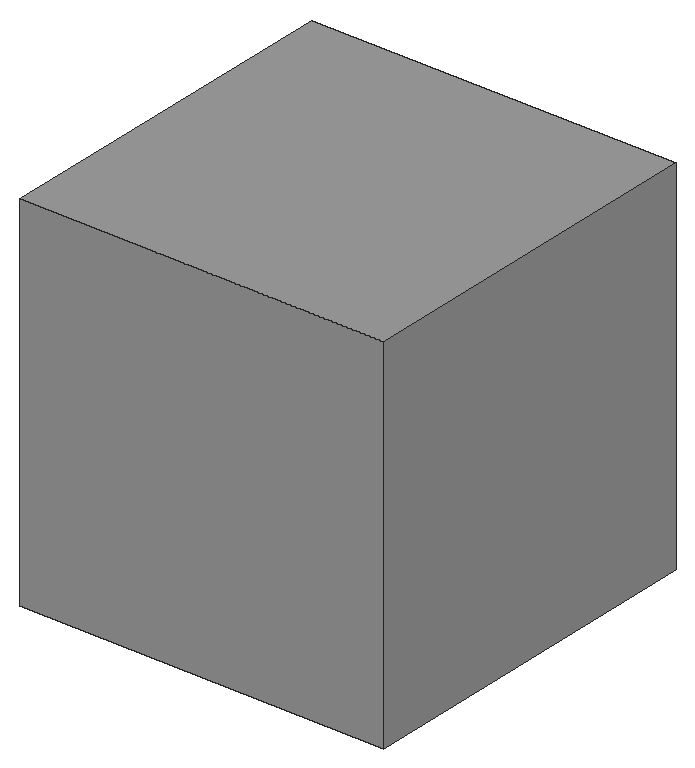
Revit family "Pull Box", category Electrical Fixtures, Revit 2021
Family settings
  Maintain Annotation Orientation = No
  Round Connector Dimension = Use Diameter
  Part Type = Normal
  OmniClass Number = 23.80.00.00
  OmniClass Title = Electric Power and Lighting
  Work Plane-Based = No
  Always vertical = Yes
  Cut with Voids When Loaded = No
  Shared = No
  Room Calculation Point = No
Parameters
  Width [instance] = 200 mm
  SubSquare [instance] = 200 mm
  Material Code [instance] = ""
  LargeSquare [instance] = 200 mm
  IsAutoCalculatePullBoxSize [instance] = ""
  Height [instance] = 200 mm
  Depth [instance] = 200 mm
  Default Elevation = 0 mm
Reference planes
  plane 1 "Center (Front/Back)": y = 0
  plane 2: z = 0
  plane 3 "Center (Left/Right)": x = 0
  plane 4: x = -100
  plane 5: x = 100
  plane 6: y = 100
  plane 7: y = -100
Forms (mm)
  Extrusion 1, solid, material "Default"
    sketch origin (0, 0, 0) x (1, 0, 0) y (0, 1, 0)
      loop
        line (-100, 100) -> (-100, -100) -> (100, -100) -> (100, 100) -> (-100, 100)
    from -100 to 100
Lines and regions (mm)
  model lines, style "Pull Box Line"
    curve 1: line (-100, 100, 0) -> (100, -100, 0)
    curve 2: line (100, 100, 0) -> (-100, -100, 0)
Dimensions and locks
  "Height": Extrusion 1 to Extrusion 1
  equal spacing: Extrusion 1, level, Extrusion 1
  equal spacing: plane 4, plane 3 "Center (Left/Right)", plane 5
  "Width": plane 4 to plane 5
  equal spacing: plane 7, plane 1 "Center (Front/Back)", plane 6
  "Depth": plane 7 to plane 6
  aligned and locked: level to plane 2
  aligned and locked: plane 5 to curve 2
  aligned and locked: plane 4 to curve 2
  aligned and locked: plane 6 to curve 2
  aligned and locked: plane 7 to curve 2
  aligned and locked: plane 6 to curve 1
  aligned and locked: plane 4 to curve 1
  aligned and locked: plane 5 to curve 1
  aligned and locked: plane 7 to curve 1
  aligned and locked: plane 6 to Extrusion 1 sketch curve
  aligned and locked: Extrusion 1 sketch curve to plane 7
  aligned and locked: Extrusion 1 sketch curve to plane 5
  aligned and locked: plane 4 to Extrusion 1 sketch curve
Connectors
  cabletrayconduit at (0, 0, 100), diameter 16
    settings: on Extrusion 1, index 1, connector width 300 mm, connector height 300 mm, connector angle 0.00°, system type 32, placement type 0, profile type 0, connector reference index -1, is primary connector yes, connector utility param no, connector description "Top"
  cabletrayconduit at (0, 100, 0), diameter 16
    settings: on Extrusion 1, index 2, connector width 300 mm, connector height 300 mm, connector angle 0.00°, system type 32, placement type 0, profile type 0, connector reference index -1, is primary connector no, connector utility param no, connector description "Back"
  cabletrayconduit at (0, -100, 0), diameter 16
    settings: on Extrusion 1, index 3, connector width 300 mm, connector height 300 mm, connector angle 0.00°, system type 32, placement type 0, profile type 0, connector reference index -1, is primary connector no, connector utility param no, connector description "Front"
  cabletrayconduit at (-100, 0, 0), diameter 16
    settings: on Extrusion 1, index 4, connector width 300 mm, connector height 300 mm, connector angle 0.00°, system type 32, placement type 0, profile type 0, connector reference index -1, is primary connector no, connector utility param no, connector description "Left"
  cabletrayconduit at (100, 0, 0), diameter 16
    settings: on Extrusion 1, index 5, connector width 300 mm, connector height 300 mm, connector angle 0.00°, system type 32, placement type 0, profile type 0, connector reference index -1, is primary connector no, connector utility param no, connector description "Right"
  cabletrayconduit at (0, 0, -100), diameter 16
    settings: on Extrusion 1, index 6, connector width 300 mm, connector height 300 mm, connector angle 0.00°, system type 32, placement type 0, profile type 0, connector reference index -1, is primary connector no, connector utility param no, connector description "Bottom"
